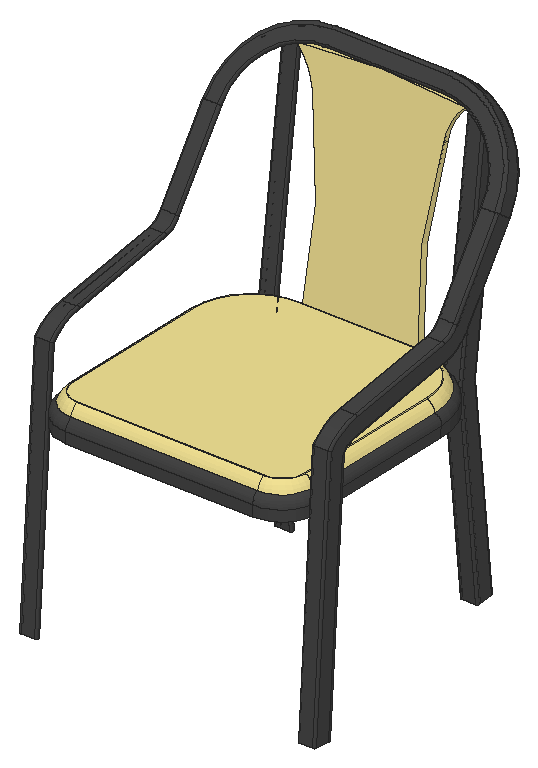
Revit family "PRL-GM Chair with always vertical OFF", category Furniture, Revit 2019
Family settings
  Work Plane-Based = Yes
  Always vertical = No
  Cut with Voids When Loaded = No
  Shared = No
  Room Calculation Point = No
Parameters (values of type "565 x 565 mm")
  Default Elevation = 1219.2 mm
  Chair Material = Plastic
  Cushion Material = Upholstry
Reference planes
  plane 1 "Center (Front/Back)": y = 0
  plane 2: z = 0
  plane 3 "Center (Left/Right)": x = 0
Forms (mm)
  Sweep 1, solid, material "Plastic" <- "Chair Material"
    path origin (0, 0, 0) x (0, 1, 0) y (0, 0, 1)
      loop
        line (-284.232, 0) -> (-245.356, 555.953)
        arc (-245.356, 555.953) -> (-215.999, 576.452) -> (-181.839, 587.183) r 117.777
        line (-181.839, 587.183) -> (55.206, 624.727)
        arc (55.206, 624.727) -> (78.356, 634.04) -> (95.025, 652.609) r 55.102
        line (95.025, 652.609) -> (209.74, 816.439)
    profile origin (0, 18.055, 258.198) x (0, -0.997564, 0.069756) y (1, 0, 0)
      loop
        line (258.193, -321.441) -> (290.709, -321.441)
        arc (290.709, -321.441) -> (294.244, -319.977) -> (295.709, -316.441) r 5
        line (295.709, -316.441) -> (295.709, -286.46)
        arc (295.709, -286.46) -> (291.709, -282.46) -> (287.709, -286.46) r 4
        line (287.709, -286.46) -> (287.709, -310.956)
        arc (287.709, -310.956) -> (286.981, -312.713) -> (285.224, -313.441) r 2.485
        line (285.224, -313.441) -> (258.193, -313.441)
        arc (258.193, -313.441) -> (254.193, -317.441) -> (258.193, -321.441) r 4
  Sweep 2, solid, material "Plastic" <- "Chair Material"
    path origin (0, 0, 0) x (0, 1, 0) y (0, 0, -1)
      loop
        line (-284.232, 0) -> (-245.356, -555.953)
        arc (-245.356, -555.953) -> (-215.999, -576.452) -> (-181.839, -587.183) r 117.777
        line (-181.839, -587.183) -> (55.206, -624.727)
        arc (55.206, -624.727) -> (78.356, -634.04) -> (95.025, -652.609) r 55.102
        line (95.025, -652.609) -> (209.74, -816.439)
    profile origin (0, 18.055, 258.198) x (0, 0.997564, -0.069756) y (1, 0, 0)
      loop
        line (-258.193, 321.441) -> (-290.709, 321.441)
        arc (-290.709, 321.441) -> (-294.244, 319.977) -> (-295.709, 316.441) r 5
        line (-295.709, 316.441) -> (-295.709, 286.46)
        arc (-295.709, 286.46) -> (-291.709, 282.46) -> (-287.709, 286.46) r 4
        line (-287.709, 286.46) -> (-287.709, 310.956)
        arc (-287.709, 310.956) -> (-286.981, 312.713) -> (-285.224, 313.441) r 2.485
        line (-285.224, 313.441) -> (-258.193, 313.441)
        arc (-258.193, 313.441) -> (-254.193, 317.441) -> (-258.193, 321.441) r 4
  Sweep 3, solid, material "Plastic" <- "Chair Material"
    path origin (0, -407.334, 243.31) x (1, 0, 0) y (0, 0.573576, 0.819152)
      loop
        arc (-146.45, 823.419) -> (-140.563, 837.632) -> (-126.35, 843.519) r 20.1
        line (-126.35, 843.519) -> (126.35, 843.519)
        arc (126.35, 843.519) -> (140.563, 837.632) -> (146.45, 823.419) r 20.1
    profile origin (331.37, 190.066, 271.442) x (-0.707107, 0.40558, 0.579228) y (0, -0.819152, 0.573576)
      loop
        line (842.696, 273.33) -> (842.696, 303.99)
        arc (842.696, 303.99) -> (839.565, 307.395) -> (835.113, 308.65) r 8.479
        line (835.113, 308.65) -> (807.628, 308.65)
        arc (807.628, 308.65) -> (803.628, 304.65) -> (807.628, 300.65) r 4
        line (807.628, 300.65) -> (830.11, 300.65)
        arc (830.11, 300.65) -> (833.313, 299.524) -> (834.696, 296.424) r 4.293
        line (834.696, 296.424) -> (834.696, 273.33)
        arc (834.696, 273.33) -> (838.696, 269.33) -> (842.696, 273.33) r 4
  Sweep 4, solid, material "Plastic" <- "Chair Material"
    path origin (-40, 105, 0) x (0, 1, 0) y (0, 0, -1)
      loop
        line (218.01, -935.701) -> (151.519, -440) -> (197.764, 0)
    profile origin (0, 95.757, 713.874) x (0, -0.991123, 0.132946) y (1, 0, 0)
      loop
        arc (-200.765, 221.488) -> (-204.032, 217.438) -> (-200.765, 213.388) r 4.143
        line (-200.765, 213.388) -> (-172.657, 213.388)
        arc (-172.657, 213.388) -> (-170.919, 212.668) -> (-170.199, 210.93) r 2.459
        line (-170.199, 210.93) -> (-170.199, 186.404)
        arc (-170.199, 186.404) -> (-166.211, 182.417) -> (-162.223, 186.404) r 3.988
        line (-162.223, 186.404) -> (-162.223, 216.429)
        arc (-162.223, 216.429) -> (-163.705, 220.006) -> (-167.283, 221.488) r 5.059
        line (-167.283, 221.488) -> (-200.765, 221.488)
  Extrusion 5, solid, material "Upholstry" <- "Cushion Material"
    sketch origin (0, -88.33, 30.929) x (1, 0, 0) y (0, 0.120137, 0.992757)
      loop
        arc (-183.704, 950.307) -> (-155.52, 915.464) -> (-142.394, 872.615) r 117.765
        arc (-142.394, 872.615) -> (-115.39, 671.665) -> (-125.602, 469.167) r 1103.681
        line (-125.602, 469.167) -> (125.602, 469.167)
        arc (125.602, 469.167) -> (115.39, 671.665) -> (142.394, 872.615) r 1103.681
        arc (142.394, 872.615) -> (155.52, 915.464) -> (183.704, 950.307) r 117.765
        arc (183.704, 950.307) -> (0, 961.07) -> (-183.704, 950.307) r 1573.132
    from -273.339 to -260.611
  Sweep 6, solid, material "Plastic" <- "Chair Material"
    path origin (40, 105, 0) x (0, 1, 0) y (0, 0, 1)
      loop
        line (218.01, 935.701) -> (151.519, 440) -> (197.764, 0)
    profile origin (0, 95.757, 713.874) x (0, 0.991123, -0.132946) y (1, 0, 0)
      loop
        arc (200.765, -221.488) -> (204.032, -217.438) -> (200.765, -213.388) r 4.143
        line (200.765, -213.388) -> (172.657, -213.388)
        arc (172.657, -213.388) -> (170.919, -212.668) -> (170.199, -210.93) r 2.459
        line (170.199, -210.93) -> (170.199, -186.404)
        arc (170.199, -186.404) -> (166.211, -182.417) -> (162.223, -186.404) r 3.988
        line (162.223, -186.404) -> (162.223, -216.429)
        arc (162.223, -216.429) -> (163.705, -220.006) -> (167.283, -221.488) r 5.059
        line (167.283, -221.488) -> (200.765, -221.488)
  Sweep 7, solid, material "Plastic" <- "Chair Material"
    path origin (0, 0, 420) x (-1, 0, 0) y (0, -1, 0)
      loop
        line (282.5, -93.553) -> (282.5, 237.5)
        arc (282.5, 237.5) -> (259.069, 294.069) -> (202.5, 317.5) r 80
        line (202.5, 317.5) -> (-202.5, 317.5)
        arc (-202.5, 317.5) -> (-259.069, 294.069) -> (-282.5, 237.5) r 80
        line (-282.5, 237.5) -> (-282.5, -93.553)
        arc (-282.5, -93.553) -> (-237.41, -202.41) -> (-128.553, -247.5) r 153.947
        line (-128.553, -247.5) -> (128.553, -247.5)
        arc (128.553, -247.5) -> (237.41, -202.41) -> (282.5, -93.553) r 153.947
    profile origin (0, -71.974, 0) x (1, 0, 0) y (0, 0, 1)
      loop
        line (-282.5, 420) -> (-276.5, 420) -> (-276.5, 442.541)
        arc (-276.5, 442.541) -> (-274.613, 450.973) -> (-269.355, 457.83) r 20.061
        line (-269.355, 457.83) -> (-269.355, 465.115)
        arc (-269.355, 465.115) -> (-278.993, 455.538) -> (-282.5, 442.411) r 26.061
        line (-282.5, 442.411) -> (-282.5, 420)
  Sweep 8, solid, material "Upholstry" <- "Cushion Material"
    path origin (0, 0, 420) x (-1, 0, 0) y (0, -1, 0)
      loop
        arc (269.355, 237.5) -> (249.773, 284.773) -> (202.5, 304.355) r 66.855
        line (202.5, 304.355) -> (-202.5, 304.355)
        arc (-202.5, 304.355) -> (-249.773, 284.773) -> (-269.355, 237.5) r 66.855
        line (-269.355, 237.5) -> (-269.355, -93.553)
        arc (-269.355, -93.553) -> (-228.115, -193.115) -> (-128.553, -234.355) r 140.802
        line (-128.553, -234.355) -> (128.553, -234.355)
        arc (128.553, -234.355) -> (228.115, -193.115) -> (269.355, -93.553) r 140.802
        line (269.355, -93.553) -> (269.355, 237.5)
    profile origin (0, -71.974, 0) x (-1, 0, 0) y (0, 0, 1)
      loop
        line (252.291, 487.064) -> (252.291, 465.115) -> (269.355, 465.115)
        arc (269.355, 465.115) -> (262.614, 477.482) -> (252.291, 487.064) r 43.711
  Extrusion 9, solid, material "Upholstry" <- "Cushion Material"
    sketch origin (0, 0, 420) x (-1, 0, 0) y (0, -1, 0)
      loop
        arc (252.291, 237.5) -> (237.708, 272.708) -> (202.5, 287.291) r 49.791
        line (202.5, 287.291) -> (-202.5, 287.291)
        arc (-202.5, 287.291) -> (-237.708, 272.708) -> (-252.291, 237.5) r 49.791
        line (-252.291, 237.5) -> (-252.291, -93.553)
        arc (-252.291, -93.553) -> (-216.049, -181.049) -> (-128.553, -217.291) r 123.739
        line (-128.553, -217.291) -> (128.553, -217.291)
        arc (128.553, -217.291) -> (216.049, -181.049) -> (252.291, -93.553) r 123.739
        line (252.291, -93.553) -> (252.291, 237.5)
    from 37.83 to 67.064
Lines and regions (mm)
  symbolic lines
    curve 1: line (-202.5, -317.5, 0) -> (202.5, -317.5, 0)
    curve 2: arc (202.5, -317.5, 0) -> (259.069, -294.069, 0) -> (282.5, -237.5, 0) r 80
    curve 3: line (282.5, -237.5, 0) -> (282.5, 93.553, 0)
    curve 4: arc (282.5, 93.553, 0) -> (237.41, 202.41, 0) -> (128.553, 247.5, 0) r 153.947
    curve 5: line (128.553, 247.5, 0) -> (-128.553, 247.5, 0)
    curve 6: arc (-128.553, 247.5, 0) -> (-237.41, 202.41, 0) -> (-282.5, 93.553, 0) r 153.947
    curve 7: line (-282.5, 93.553, 0) -> (-282.5, -237.5, 0)
    curve 8: arc (-282.5, -237.5, 0) -> (-259.069, -294.069, 0) -> (-202.5, -317.5, 0) r 80
    curve 9: line (321.441, -258.947, 0) -> (321.441, 203.083, 0)
    curve 10: line (-321.441, -258.947, 0) -> (-321.441, 189.788, 0)
    curve 11: arc (-321.441, 189.788, 0) -> (-282.332, 291.179, 0) -> (-185.265, 340.043, 0) r 150.983
    curve 12: line (-185.265, 340.043, 0) -> (189.735, 340.043, 0)
    curve 13: arc (321.441, 189.788, 0) -> (282.332, 291.179, 0) -> (185.265, 340.043, 0) r 150.983
    curve 14: line (-321.441, -258.947, 0) -> (-279.571, -258.947, 0)
    curve 15: line (321.441, -258.947, 0) -> (279.571, -258.947, 0)
    curve 16: line (-282.207, 84.657, 0) -> (-282.207, 199.772, 0)
    curve 17: line (282.207, 84.657, 0) -> (282.207, 199.772, 0)
    curve 18: arc (-282.207, 199.772, 0) -> (-238.12, 263.87, 0) -> (-164.353, 288.582, 0) r 122.719
    curve 19: arc (282.207, 199.772, 0) -> (238.12, 263.87, 0) -> (164.353, 288.582, 0) r 122.719
    curve 20: line (-164.353, 288.582, 0) -> (164.353, 288.582, 0)
Dimensions and locks
  locked: Sweep 7 to Sweep 7 at 565
  aligned and locked: level to Sweep 1 sketch curve
  aligned and locked: Sweep 2 sketch curve to level
  aligned and locked: Sweep 8 sketch curve to Sweep 7  (x8)
  aligned and locked: Extrusion 9 sketch curve to Sweep 8  (x8)
  aligned and locked: curve 1 to Sweep 7
  aligned and locked: curve 2 to Sweep 7
  aligned and locked: curve 3 to Sweep 7
  aligned and locked: curve 4 to Sweep 7
  aligned and locked: curve 5 to Sweep 7
  aligned and locked: curve 6 to Sweep 7
  aligned and locked: curve 7 to Sweep 7
  aligned and locked: curve 8 to Sweep 7
  aligned and locked: Sweep 2 to curve 9
  aligned and locked: Sweep 1 to curve 10
